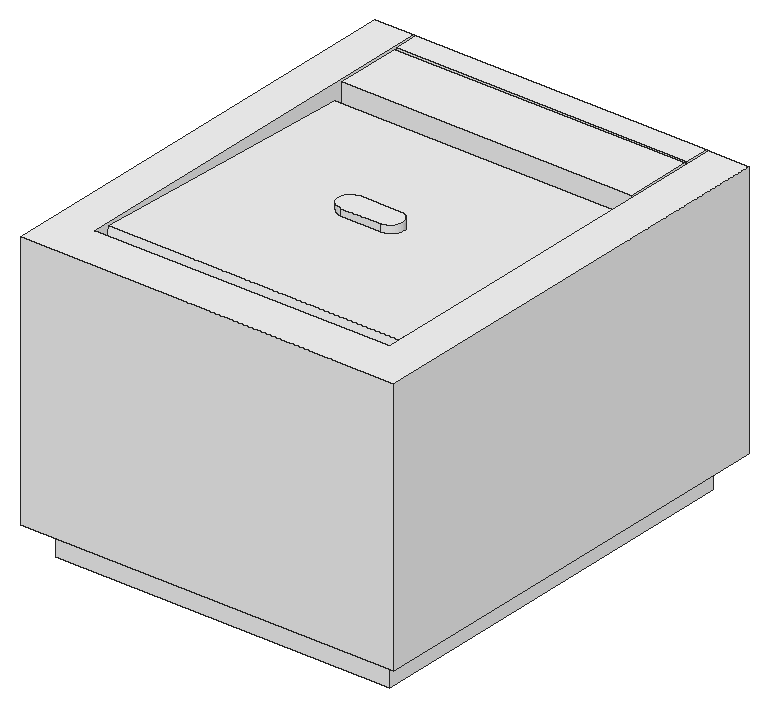
Revit family "Gira_027230", category Electrical Fixtures, host Face, Revit 2017
Family settings
  Host = Face
  Maintain Annotation Orientation = Yes
  Round Connector Dimension = Use Diameter
  Part Type = Normal
  Cut with Voids When Loaded = No
  Shared = No
  Room Calculation Point = No
Parameters (values of type "Gehäuse BSF Taster Ø 22,5 mm WG AP Grau")
  Zusammenstellung = "Basiselement mit Komplettgehäuse"
  White [instance] = White
  Werkstoffgüte = "sonstige"
  Werkstoff = "sonstige"
  Verwendung = "sonstige"
  URL = "http://katalog.gira.de/de_DE/datenblatt.html?artikelnr=027230"
  Transparent = "No"
  Tragring = "No"
  Region = "DE"
  Oberfläche = "sonstige"
  Name = "Gehäuse BSF Taster Ø 22,5 mm WG AP Grau"
  Montageart = "auf Putz"
  Mit Zugentlastung = "No"
  Mit Staubschutz = "No"
  Mit Klappdeckel = "No"
  Mit Aufdruck = "No"
  Manufacturer URL = "https://www.gira.de/"
  Lüsterklemme = "No"
  HeinzeBIM = "https://bimportal.heinze.de/bim/gehaeuse-bsf-taster-22-5-mm-wg-ap-grau/e7e8bd30622ac9b0524dc152e5cce17e02eeafb9"
  Halogenfrei = "No"
  HAN = "027230"
  Geeignet für Schutzart (IP) = "IP44"
  GTIN = "4010337272304"
  Farbe = "grau"
  Default Elevation = 1219.2 mm
  Data sheet (1) = "https://katalog.gira.de/de_DE/download.html?artikelnr=027230"
  Category = "Einsatz/Abdeckung für Kommunikationstechnik"
  Beschriftungsfeld = "mit Beschriftungsfeld"
  Befestigungsart = "Befestigung mit Schraube"
  Available = "Yes"
  Ausführung der Oberfläche = "nicht zutreffend"
Reference planes
  plane 1 "Center (Front/Back)": y = 0
  plane 2: z = 0
  plane 3 "Center (Left/Right)": x = 0
  plane 4: x = 30
  plane 5: x = -30
  plane 6: z = 41.4
Forms (mm)
  Extrusion 1, solid, material "White" <- "White", detail levels medium+fine
    sketch origin (0, 0, 0) x (1, 0, 0) y (0, 1, 0)
      loop
        line (-34, 41) -> (-34, -41) -> (34, -41) -> (34, 41) -> (-34, 41)
    from 0 to -6.2
  Extrusion 2, solid, material "White" <- "White", detail levels medium+fine
    sketch origin (0, 0, 0) x (1, 0, 0) y (0, 1, 0)
      loop
        line (-38, 45) -> (-38, -45) -> (38, -45) -> (38, 45) -> (-38, 45)
    from 0 to 52.4
  Extrusion 3, void
    sketch origin (0, 0, 0) x (1, 0, 0) y (0, 0, 1)
      loop
        line (-30, 59.413) -> (-30, 41.4) -> (30, 41.4) -> (30, 59.413) -> (-30, 59.413)
    from 36 to -113.06
  Extrusion 4, solid, material "White" <- "White", detail levels medium
    sketch origin (225, 0, 0) x (1, 0, 0) y (0, 1, 0)
      loop
        line (-254.5, 44.5) -> (-254.5, -35.5) -> (-195.5, -35.5) -> (-195.5, 44.5) -> (-254.5, 44.5)
    from 41.4 to 52.4
  Extrusion 5, solid, material "White" <- "White", detail levels fine
    sketch origin (0, 0, 0) x (1, 0, 0) y (0, 1, 0)
      loop
        line (-29.5, 45) -> (-29.5, 40) -> (29.5, 40) -> (29.5, 45) -> (-29.5, 45)
    from 41.4 to 52.4
  Extrusion 6, solid, material "White" <- "White", detail levels fine
    sketch origin (0, 0, 0) x (1, 0, 0) y (0, 1, 0)
      loop
        line (29.5, 39.5) -> (-29.5, 39.5) -> (-29.5, 26) -> (29.5, 26) -> (29.5, 39.5)
    from 41.4 to 52.4
  Extrusion 7, solid, material "White" <- "White", detail levels fine
    sketch origin (0, 0, 0) x (1, 0, 0) y (0, 1, 0)
      loop
        arc (-4, -1) -> (-6.5, -3.5) -> (-4, -6) r 2.5
        line (-4, -6) -> (4, -6)
        arc (4, -6) -> (6.5, -3.5) -> (4, -1) r 2.5
        line (4, -1) -> (-4, -1)
    from 41.4 to 52.4
  Extrusion 8, solid, material "White" <- "White", detail levels coarse
    sketch origin (0, 0, 0) x (1, 0, 0) y (0, 1, 0)
      loop
        line (-38, 46) -> (-38, -45) -> (38, -45) -> (38, 46) -> (-38, 46)
    from -6.2 to 52.4
  Extrusion 9, solid, material "White" <- "White", detail levels medium+fine
    sketch origin (0, 0, 0) x (1, 0, 0) y (0, 0, 1)
      loop
        circle (0, 14) r 3.6
    from -46 to -45
  Extrusion 10, solid, material "White" <- "White", detail levels fine
    sketch origin (0, 0, 0) x (0, 1, 0) y (0, 0, 1)
      loop
        line (-36, 41.4) -> (26, 41.4) -> (24.38, 49.736) -> (-33.115, 52.169) -> (-36, 41.4)
    from -29.5 to 29.5
Cuts and joins
  Extrusion 3 cuts Extrusion 2
Dimensions and locks
  aligned and locked: plane 2 to host face
  aligned and locked: level to host face
  aligned and locked: plane 3 "Center (Left/Right)" to nested 1
  aligned and locked: plane 1 "Center (Front/Back)" to nested 1
Nested families
  nested 1: "Schalter" at (0, 0, 0), type "Schalter"
Connectors
  electrical at (0, 0, -6.2)
    settings: on Extrusion 1, index 1, voltage 224 V, apparent load 0 VA, apparent load phase1 0 VA, apparent load phase2 0 VA, apparent load phase3 0 VA, power factor 1, load classification "Other", number of poles 1, system type 30, power factor state 1, is connector primary yes, connector utility no, sub classification motor no, connector description ""
Definition of nested family "Schalter"
  Reference planes
    plane 1: y = 0
    plane 2: x = 0
  Lines and regions (mm)
    detail lines
      curve 1: circle (1.375, 2.778, 0) r 0.8 normal (0, 0, 1)
      curve 2: line (1.021, 2.061, 0) -> (0, 0, 0)
      curve 3: line (0, 0, 0) -> (-0.538, 0.266, 0)
  Dimensions and locks
    curve 2 to curve 2 = 2.3 mm
    curve 3 to curve 2 = 0.6 mm
    radius of curve 1 = 0.8 mm
